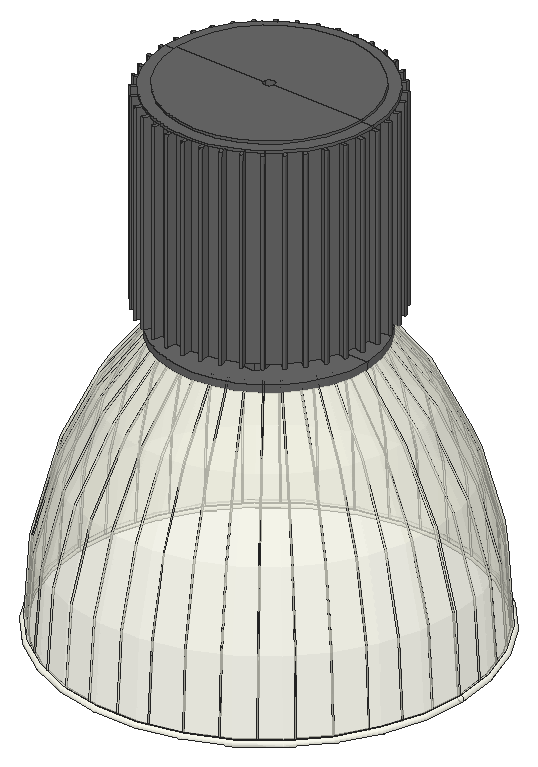
Revit family "PHS16", category Lighting Fixtures, Revit 2024
Family settings
  Round Connector Dimension = Use Diameter
  Part Type = Normal
  OmniClass Number = 23.80.70.00
  OmniClass Title = Lighting
  Work Plane-Based = No
  Always vertical = Yes
  Cut with Voids When Loaded = No
  Light Source = No
  Maintain Annotation Orientation = No
  Shared = No
  Room Calculation Point = No
Parameters
  Default Elevation = 0' - 0"
Reference planes (in)
  plane 1 "Light Source Axis (F/B)": y = 0
  plane 2: z = 0
  plane 3 "Light Source Axis (L/R)": x = 0
  plane 4 "Light Source Elevation": z = 54
Forms (in)
  Sweep 1, solid, material "GLASS SHADE", not visible
    path origin (75.968, 0, 0.00093) x (1, 0, 0) y (0, 0, 1)
      loop
        arc (-4.5864, 68.3252) -> (-8.91952, 61.72019) -> (-10.59309, 54) r 21.63816
    profile origin (67.04848, 0, 61.72112) x (0.922209, 0, -0.386691) y (0, -1, 0)
      loop
        circle (0, 0) r 0.03125
  Revolve 2, solid, material "GLASS SHADE"
    sketch origin (0, 0, 0) x (1, 0, 0) y (0, 0, 1)
      loop
        arc (7.875, 54.25) -> (6.91833, 60.07945) -> (3.79632, 65.0945) r 15.08491
        line (3.79632, 65.0945) -> (3.66737, 65.0945)
        arc (3.66737, 65.0945) -> (6.82339, 60.06552) -> (7.7796, 54.20577) r 14.99116
        arc (7.7796, 54.20577) -> (7.92758, 54.0116) -> (7.875, 54.25) r 0.125
      axis (0, 65.0945) -> (0, 54.20577)
    angle from 0 to 360
  Sweep 3, solid, material "GLASS SHADE"
    path origin (0, 0, 0) x (1, 0, 0) y (0, 0, 1)
      loop
        arc (-7.7796, 54.20577) -> (-6.79943, 60.05854) -> (-3.66019, 65.0945) r 15.25527
    profile origin (-6.79943, 0, 60.05854) x (-0.935305, 0, 0.353843) y (0, -1, 0)
      loop
        circle (0, 0) r 0.03125
  Sweep 4, solid, material "GLASS SHADE"
    path origin (0, 0, 0) x (0.987688, -0.156434, 0) y (0, 0, 1)
      loop
        arc (-7.7796, 54.20577) -> (-6.79943, 60.05854) -> (-3.66019, 65.0945) r 15.25527
    profile origin (-6.71572, 1.06367, 60.05854) x (-0.92379, 0.146314, 0.353843) y (-0.156434, -0.987688, 0)
      loop
        circle (0, 0) r 0.03125
  Sweep 5, solid, material "GLASS SHADE"
    path origin (0, 0, 0) x (0.987688, 0.156434, 0) y (0, 0, 1)
      loop
        arc (-7.7796, 54.20577) -> (-6.79943, 60.05854) -> (-3.66019, 65.0945) r 15.25527
    profile origin (-6.71572, -1.06367, 60.05854) x (-0.92379, -0.146314, 0.353843) y (0.156434, -0.987688, 0)
      loop
        circle (0, 0) r 0.03125
  Sweep 6, solid, material "GLASS SHADE"
    path origin (0, 0, 0) x (0.951057, 0.309017, 0) y (0, 0, 1)
      loop
        arc (-7.7796, 54.20577) -> (-6.79943, 60.05854) -> (-3.66019, 65.0945) r 15.25527
    profile origin (-6.46665, -2.10114, 60.05854) x (-0.889528, -0.289025, 0.353843) y (0.309017, -0.951057, 0)
      loop
        circle (0, 0) r 0.03125
  Sweep 7, solid, material "GLASS SHADE"
    path origin (0, 0, 0) x (0.891007, 0.45399, 0) y (0, 0, 1)
      loop
        arc (-7.7796, 54.20577) -> (-6.79943, 60.05854) -> (-3.66019, 65.0945) r 15.25527
    profile origin (-6.05834, -3.08688, 60.05854) x (-0.833363, -0.424619, 0.353843) y (0.45399, -0.891007, 0)
      loop
        circle (0, 0) r 0.03125
  Sweep 8, solid, material "GLASS SHADE"
    path origin (0, 0, 0) x (0.809017, 0.587785, 0) y (0, 0, 1)
      loop
        arc (-7.7796, 54.20577) -> (-6.79943, 60.05854) -> (-3.66019, 65.0945) r 15.25527
    profile origin (-5.50086, -3.99661, 60.05854) x (-0.756677, -0.549758, 0.353843) y (0.587785, -0.809017, 0)
      loop
        circle (0, 0) r 0.03125
  Sweep 9, solid, material "GLASS SHADE"
    path origin (0, 0, 0) x (0.707107, 0.707107, 0) y (0, 0, 1)
      loop
        arc (-7.7796, 54.20577) -> (-6.79943, 60.05854) -> (-3.66019, 65.0945) r 15.25527
    profile origin (-4.80793, -4.80793, 60.05854) x (-0.66136, -0.66136, 0.353843) y (0.707107, -0.707107, 0)
      loop
        circle (0, 0) r 0.03125
  Sweep 10, solid, material "GLASS SHADE"
    path origin (0, 0, 0) x (0.587785, 0.809017, 0) y (0, 0, 1)
      loop
        arc (-7.7796, 54.20577) -> (-6.79943, 60.05854) -> (-3.66019, 65.0945) r 15.25527
    profile origin (-3.99661, -5.50086, 60.05854) x (-0.549758, -0.756677, 0.353843) y (0.809017, -0.587785, 0)
      loop
        circle (0, 0) r 0.03125
  Sweep 11, solid, material "GLASS SHADE"
    path origin (0, 0, 0) x (0.45399, 0.891007, 0) y (0, 0, 1)
      loop
        arc (-7.7796, 54.20577) -> (-6.79943, 60.05854) -> (-3.66019, 65.0945) r 15.25527
    profile origin (-3.08688, -6.05834, 60.05854) x (-0.424619, -0.833363, 0.353843) y (0.891007, -0.45399, 0)
      loop
        circle (0, 0) r 0.03125
  Sweep 12, solid, material "GLASS SHADE"
    path origin (0, 0, 0) x (0.309017, 0.951057, 0) y (0, 0, 1)
      loop
        arc (-7.7796, 54.20577) -> (-6.79943, 60.05854) -> (-3.66019, 65.0945) r 15.25527
    profile origin (-2.10114, -6.46665, 60.05854) x (-0.289025, -0.889528, 0.353843) y (0.951057, -0.309017, 0)
      loop
        circle (0, 0) r 0.03125
  Sweep 13, solid, material "GLASS SHADE"
    path origin (0, 0, 0) x (0.156434, 0.987688, 0) y (0, 0, 1)
      loop
        arc (-7.7796, 54.20577) -> (-6.79943, 60.05854) -> (-3.66019, 65.0945) r 15.25527
    profile origin (-1.06367, -6.71572, 60.05854) x (-0.146314, -0.92379, 0.353843) y (0.987688, -0.156434, 0)
      loop
        circle (0, 0) r 0.03125
  Sweep 14, solid, material "GLASS SHADE"
    path origin (0, 0, 0) x (0, 1, 0) y (0, 0, 1)
      loop
        arc (-7.7796, 54.20577) -> (-6.79943, 60.05854) -> (-3.66019, 65.0945) r 15.25527
    profile origin (0, -6.79943, 60.05854) x (0, -0.935305, 0.353843) y (1, 0, 0)
      loop
        circle (0, 0) r 0.03125
  Sweep 15, solid, material "GLASS SHADE"
    path origin (0, 0, 0) x (-0.156434, 0.987688, 0) y (0, 0, 1)
      loop
        arc (-7.7796, 54.20577) -> (-6.79943, 60.05854) -> (-3.66019, 65.0945) r 15.25527
    profile origin (1.06367, -6.71572, 60.05854) x (0.146314, -0.92379, 0.353843) y (0.987688, 0.156434, 0)
      loop
        circle (0, 0) r 0.03125
  Sweep 16, solid, material "GLASS SHADE"
    path origin (0, 0, 0) x (-0.309017, 0.951057, 0) y (0, 0, 1)
      loop
        arc (-7.7796, 54.20577) -> (-6.79943, 60.05854) -> (-3.66019, 65.0945) r 15.25527
    profile origin (2.10114, -6.46665, 60.05854) x (0.289025, -0.889528, 0.353843) y (0.951057, 0.309017, 0)
      loop
        circle (0, 0) r 0.03125
  Sweep 17, solid, material "GLASS SHADE"
    path origin (0, 0, 0) x (-0.45399, 0.891007, 0) y (0, 0, 1)
      loop
        arc (-7.7796, 54.20577) -> (-6.79943, 60.05854) -> (-3.66019, 65.0945) r 15.25527
    profile origin (3.08688, -6.05834, 60.05854) x (0.424619, -0.833363, 0.353843) y (0.891007, 0.45399, 0)
      loop
        circle (0, 0) r 0.03125
  Sweep 18, solid, material "GLASS SHADE"
    path origin (0, 0, 0) x (-0.587785, 0.809017, 0) y (0, 0, 1)
      loop
        arc (-7.7796, 54.20577) -> (-6.79943, 60.05854) -> (-3.66019, 65.0945) r 15.25527
    profile origin (3.99661, -5.50086, 60.05854) x (0.549758, -0.756677, 0.353843) y (0.809017, 0.587785, 0)
      loop
        circle (0, 0) r 0.03125
  Sweep 19, solid, material "GLASS SHADE"
    path origin (0, 0, 0) x (-0.707107, 0.707107, 0) y (0, 0, 1)
      loop
        arc (-7.7796, 54.20577) -> (-6.79943, 60.05854) -> (-3.66019, 65.0945) r 15.25527
    profile origin (4.80793, -4.80793, 60.05854) x (0.66136, -0.66136, 0.353843) y (0.707107, 0.707107, 0)
      loop
        circle (0, 0) r 0.03125
  Sweep 20, solid, material "GLASS SHADE"
    path origin (0, 0, 0) x (-0.809017, 0.587785, 0) y (0, 0, 1)
      loop
        arc (-7.7796, 54.20577) -> (-6.79943, 60.05854) -> (-3.66019, 65.0945) r 15.25527
    profile origin (5.50086, -3.99661, 60.05854) x (0.756677, -0.549758, 0.353843) y (0.587785, 0.809017, 0)
      loop
        circle (0, 0) r 0.03125
  Sweep 21, solid, material "GLASS SHADE"
    path origin (0, 0, 0) x (-0.891007, 0.45399, 0) y (0, 0, 1)
      loop
        arc (-7.7796, 54.20577) -> (-6.79943, 60.05854) -> (-3.66019, 65.0945) r 15.25527
    profile origin (6.05834, -3.08688, 60.05854) x (0.833363, -0.424619, 0.353843) y (0.45399, 0.891007, 0)
      loop
        circle (0, 0) r 0.03125
  Sweep 22, solid, material "GLASS SHADE"
    path origin (0, 0, 0) x (-0.951057, 0.309017, 0) y (0, 0, 1)
      loop
        arc (-7.7796, 54.20577) -> (-6.79943, 60.05854) -> (-3.66019, 65.0945) r 15.25527
    profile origin (6.46665, -2.10114, 60.05854) x (0.889528, -0.289025, 0.353843) y (0.309017, 0.951057, 0)
      loop
        circle (0, 0) r 0.03125
  Sweep 23, solid, material "GLASS SHADE"
    path origin (0, 0, 0) x (-0.987688, 0.156434, 0) y (0, 0, 1)
      loop
        arc (-7.7796, 54.20577) -> (-6.79943, 60.05854) -> (-3.66019, 65.0945) r 15.25527
    profile origin (6.71572, -1.06367, 60.05854) x (0.92379, -0.146314, 0.353843) y (0.156434, 0.987688, 0)
      loop
        circle (0, 0) r 0.03125
  Sweep 24, solid, material "GLASS SHADE"
    path origin (0, 0, 0) x (-1, 0, 0) y (0, 0, 1)
      loop
        arc (-7.7796, 54.20577) -> (-6.79943, 60.05854) -> (-3.66019, 65.0945) r 15.25527
    profile origin (6.79943, 0, 60.05854) x (0.935305, 0, 0.353843) y (0, 1, 0)
      loop
        circle (0, 0) r 0.03125
  Sweep 25, solid, material "GLASS SHADE"
    path origin (0, 0, 0) x (-0.987688, -0.156434, 0) y (0, 0, 1)
      loop
        arc (-7.7796, 54.20577) -> (-6.79943, 60.05854) -> (-3.66019, 65.0945) r 15.25527
    profile origin (6.71572, 1.06367, 60.05854) x (0.92379, 0.146314, 0.353843) y (-0.156434, 0.987688, 0)
      loop
        circle (0, 0) r 0.03125
  Sweep 26, solid, material "GLASS SHADE"
    path origin (0, 0, 0) x (-0.951057, -0.309017, 0) y (0, 0, 1)
      loop
        arc (-7.7796, 54.20577) -> (-6.79943, 60.05854) -> (-3.66019, 65.0945) r 15.25527
    profile origin (6.46665, 2.10114, 60.05854) x (0.889528, 0.289025, 0.353843) y (-0.309017, 0.951057, 0)
      loop
        circle (0, 0) r 0.03125
  Sweep 27, solid, material "GLASS SHADE"
    path origin (0, 0, 0) x (-0.891007, -0.45399, 0) y (0, 0, 1)
      loop
        arc (-7.7796, 54.20577) -> (-6.79943, 60.05854) -> (-3.66019, 65.0945) r 15.25527
    profile origin (6.05834, 3.08688, 60.05854) x (0.833363, 0.424619, 0.353843) y (-0.45399, 0.891007, 0)
      loop
        circle (0, 0) r 0.03125
  Sweep 28, solid, material "GLASS SHADE"
    path origin (0, 0, 0) x (-0.809017, -0.587785, 0) y (0, 0, 1)
      loop
        arc (-7.7796, 54.20577) -> (-6.79943, 60.05854) -> (-3.66019, 65.0945) r 15.25527
    profile origin (5.50086, 3.99661, 60.05854) x (0.756677, 0.549758, 0.353843) y (-0.587785, 0.809017, 0)
      loop
        circle (0, 0) r 0.03125
  Sweep 29, solid, material "GLASS SHADE"
    path origin (0, 0, 0) x (-0.707107, -0.707107, 0) y (0, 0, 1)
      loop
        arc (-7.7796, 54.20577) -> (-6.79943, 60.05854) -> (-3.66019, 65.0945) r 15.25527
    profile origin (4.80793, 4.80793, 60.05854) x (0.66136, 0.66136, 0.353843) y (-0.707107, 0.707107, 0)
      loop
        circle (0, 0) r 0.03125
  Sweep 30, solid, material "GLASS SHADE"
    path origin (0, 0, 0) x (-0.587785, -0.809017, 0) y (0, 0, 1)
      loop
        arc (-7.7796, 54.20577) -> (-6.79943, 60.05854) -> (-3.66019, 65.0945) r 15.25527
    profile origin (3.99661, 5.50086, 60.05854) x (0.549758, 0.756677, 0.353843) y (-0.809017, 0.587785, 0)
      loop
        circle (0, 0) r 0.03125
  Sweep 31, solid, material "GLASS SHADE"
    path origin (0, 0, 0) x (-0.45399, -0.891007, 0) y (0, 0, 1)
      loop
        arc (-7.7796, 54.20577) -> (-6.79943, 60.05854) -> (-3.66019, 65.0945) r 15.25527
    profile origin (3.08688, 6.05834, 60.05854) x (0.424619, 0.833363, 0.353843) y (-0.891007, 0.45399, 0)
      loop
        circle (0, 0) r 0.03125
  Sweep 32, solid, material "GLASS SHADE"
    path origin (0, 0, 0) x (-0.309017, -0.951057, 0) y (0, 0, 1)
      loop
        arc (-7.7796, 54.20577) -> (-6.79943, 60.05854) -> (-3.66019, 65.0945) r 15.25527
    profile origin (2.10114, 6.46665, 60.05854) x (0.289025, 0.889528, 0.353843) y (-0.951057, 0.309017, 0)
      loop
        circle (0, 0) r 0.03125
  Sweep 33, solid, material "GLASS SHADE"
    path origin (0, 0, 0) x (-0.156434, -0.987688, 0) y (0, 0, 1)
      loop
        arc (-7.7796, 54.20577) -> (-6.79943, 60.05854) -> (-3.66019, 65.0945) r 15.25527
    profile origin (1.06367, 6.71572, 60.05854) x (0.146314, 0.92379, 0.353843) y (-0.987688, 0.156434, 0)
      loop
        circle (0, 0) r 0.03125
  Sweep 34, solid, material "GLASS SHADE"
    path origin (0, 0, 0) x (0, -1, 0) y (0, 0, 1)
      loop
        arc (-7.7796, 54.20577) -> (-6.79943, 60.05854) -> (-3.66019, 65.0945) r 15.25527
    profile origin (0, 6.79943, 60.05854) x (0, 0.935305, 0.353843) y (-1, 0, 0)
      loop
        circle (0, 0) r 0.03125
  Sweep 35, solid, material "GLASS SHADE"
    path origin (0, 0, 0) x (0.156434, -0.987688, 0) y (0, 0, 1)
      loop
        arc (-7.7796, 54.20577) -> (-6.79943, 60.05854) -> (-3.66019, 65.0945) r 15.25527
    profile origin (-1.06367, 6.71572, 60.05854) x (-0.146314, 0.92379, 0.353843) y (-0.987688, -0.156434, 0)
      loop
        circle (0, 0) r 0.03125
  Sweep 36, solid, material "GLASS SHADE"
    path origin (0, 0, 0) x (0.309017, -0.951057, 0) y (0, 0, 1)
      loop
        arc (-7.7796, 54.20577) -> (-6.79943, 60.05854) -> (-3.66019, 65.0945) r 15.25527
    profile origin (-2.10114, 6.46665, 60.05854) x (-0.289025, 0.889528, 0.353843) y (-0.951057, -0.309017, 0)
      loop
        circle (0, 0) r 0.03125
  Sweep 37, solid, material "GLASS SHADE"
    path origin (0, 0, 0) x (0.45399, -0.891007, 0) y (0, 0, 1)
      loop
        arc (-7.7796, 54.20577) -> (-6.79943, 60.05854) -> (-3.66019, 65.0945) r 15.25527
    profile origin (-3.08688, 6.05834, 60.05854) x (-0.424619, 0.833363, 0.353843) y (-0.891007, -0.45399, 0)
      loop
        circle (0, 0) r 0.03125
  Sweep 38, solid, material "GLASS SHADE"
    path origin (0, 0, 0) x (0.587785, -0.809017, 0) y (0, 0, 1)
      loop
        arc (-7.7796, 54.20577) -> (-6.79943, 60.05854) -> (-3.66019, 65.0945) r 15.25527
    profile origin (-3.99661, 5.50086, 60.05854) x (-0.549758, 0.756677, 0.353843) y (-0.809017, -0.587785, 0)
      loop
        circle (0, 0) r 0.03125
  Sweep 39, solid, material "GLASS SHADE"
    path origin (0, 0, 0) x (0.707107, -0.707107, 0) y (0, 0, 1)
      loop
        arc (-7.7796, 54.20577) -> (-6.79943, 60.05854) -> (-3.66019, 65.0945) r 15.25527
    profile origin (-4.80793, 4.80793, 60.05854) x (-0.66136, 0.66136, 0.353843) y (-0.707107, -0.707107, 0)
      loop
        circle (0, 0) r 0.03125
  Sweep 40, solid, material "GLASS SHADE"
    path origin (0, 0, 0) x (0.809017, -0.587785, 0) y (0, 0, 1)
      loop
        arc (-7.7796, 54.20577) -> (-6.79943, 60.05854) -> (-3.66019, 65.0945) r 15.25527
    profile origin (-5.50086, 3.99661, 60.05854) x (-0.756677, 0.549758, 0.353843) y (-0.587785, -0.809017, 0)
      loop
        circle (0, 0) r 0.03125
  Sweep 41, solid, material "GLASS SHADE"
    path origin (0, 0, 0) x (0.891007, -0.45399, 0) y (0, 0, 1)
      loop
        arc (-7.7796, 54.20577) -> (-6.79943, 60.05854) -> (-3.66019, 65.0945) r 15.25527
    profile origin (-6.05834, 3.08688, 60.05854) x (-0.833363, 0.424619, 0.353843) y (-0.45399, -0.891007, 0)
      loop
        circle (0, 0) r 0.03125
  Sweep 42, solid, material "GLASS SHADE"
    path origin (0, 0, 0) x (0.951057, -0.309017, 0) y (0, 0, 1)
      loop
        arc (-7.7796, 54.20577) -> (-6.79943, 60.05854) -> (-3.66019, 65.0945) r 15.25527
    profile origin (-6.46665, 2.10114, 60.05854) x (-0.889528, 0.289025, 0.353843) y (-0.309017, -0.951057, 0)
      loop
        circle (0, 0) r 0.03125
  Extrusion 43, solid, material "61"
    sketch origin (-46.69817, -17.29952, 66) x (1, 0, 0) y (0, 1, 0)
      loop
        arc (46.63567, 21.42405) -> (46.37452, 21.41181) -> (46.11468, 21.38305) r 4.125
        line (46.11468, 21.38305) -> (46.06572, 21.69217)
        arc (46.06572, 21.69217) -> (45.99421, 21.74412) -> (45.94226, 21.67261) r 0.0625
        line (45.94226, 21.67261) -> (45.99122, 21.36349)
        arc (45.99122, 21.36349) -> (45.73521, 21.31055) -> (45.48306, 21.24149) r 4.125
        line (45.48306, 21.24149) -> (45.38635, 21.53915)
        arc (45.38635, 21.53915) -> (45.30759, 21.57928) -> (45.26746, 21.50052) r 0.0625
        line (45.26746, 21.50052) -> (45.36418, 21.20287)
        arc (45.36418, 21.20287) -> (45.1196, 21.11053) -> (44.88136, 21.00288) r 4.125
        line (44.88136, 21.00288) -> (44.73927, 21.28174)
        arc (44.73927, 21.28174) -> (44.65521, 21.30905) -> (44.6279, 21.22499) r 0.0625
        line (44.6279, 21.22499) -> (44.76998, 20.94613)
        arc (44.76998, 20.94613) -> (44.54286, 20.81666) -> (44.3244, 20.67307) r 4.125
        line (44.3244, 20.67307) -> (44.14043, 20.92627)
        arc (44.14043, 20.92627) -> (44.05313, 20.9401) -> (44.03931, 20.8528) r 0.0625
        line (44.03931, 20.8528) -> (44.22327, 20.5996)
        arc (44.22327, 20.5996) -> (44.01919, 20.4362) -> (43.82588, 20.2602) r 4.125
        line (43.82588, 20.2602) -> (43.60458, 20.4815)
        arc (43.60458, 20.4815) -> (43.51619, 20.4815) -> (43.51619, 20.39311) r 0.0625
        line (43.51619, 20.39311) -> (43.73749, 20.17181)
        arc (43.73749, 20.17181) -> (43.56149, 19.9785) -> (43.39809, 19.77442) r 4.125
        line (43.39809, 19.77442) -> (43.14489, 19.95838)
        arc (43.14489, 19.95838) -> (43.05759, 19.94456) -> (43.07142, 19.85726) r 0.0625
        line (43.07142, 19.85726) -> (43.32462, 19.67329)
        arc (43.32462, 19.67329) -> (43.18103, 19.45483) -> (43.05156, 19.22771) r 4.125
        line (43.05156, 19.22771) -> (42.7727, 19.36979)
        arc (42.7727, 19.36979) -> (42.68864, 19.34248) -> (42.71595, 19.25842) r 0.0625
        line (42.71595, 19.25842) -> (42.99481, 19.11633)
        arc (42.99481, 19.11633) -> (42.88716, 18.87809) -> (42.79482, 18.63351) r 4.125
        line (42.79482, 18.63351) -> (42.49717, 18.73023)
        arc (42.49717, 18.73023) -> (42.41841, 18.6901) -> (42.45854, 18.61134) r 0.0625
        line (42.45854, 18.61134) -> (42.7562, 18.51463)
        arc (42.7562, 18.51463) -> (42.68714, 18.26248) -> (42.6342, 18.00647) r 4.125
        line (42.6342, 18.00647) -> (42.32508, 18.05543)
        arc (42.32508, 18.05543) -> (42.25357, 18.00348) -> (42.30552, 17.93197) r 0.0625
        line (42.30552, 17.93197) -> (42.61464, 17.88301)
        arc (42.61464, 17.88301) -> (42.58588, 17.62317) -> (42.57364, 17.36202) r 4.125
        line (42.57364, 17.36202) -> (42.26067, 17.36202)
        arc (42.26067, 17.36202) -> (42.19817, 17.29952) -> (42.26067, 17.23702) r 0.0625
        line (42.26067, 17.23702) -> (42.57364, 17.23702)
        arc (42.57364, 17.23702) -> (42.58588, 16.97588) -> (42.61464, 16.71603) r 4.125
        line (42.61464, 16.71603) -> (42.30552, 16.66707)
        arc (42.30552, 16.66707) -> (42.25357, 16.59557) -> (42.32508, 16.54361) r 0.0625
        line (42.32508, 16.54361) -> (42.6342, 16.59257)
        arc (42.6342, 16.59257) -> (42.68714, 16.33656) -> (42.7562, 16.08441) r 4.125
        line (42.7562, 16.08441) -> (42.45854, 15.9877)
        arc (42.45854, 15.9877) -> (42.41841, 15.90895) -> (42.49717, 15.86882) r 0.0625
        line (42.49717, 15.86882) -> (42.79482, 15.96553)
        arc (42.79482, 15.96553) -> (42.88716, 15.72095) -> (42.99481, 15.48271) r 4.125
        line (42.99481, 15.48271) -> (42.71595, 15.34063)
        arc (42.71595, 15.34063) -> (42.68864, 15.25657) -> (42.7727, 15.22925) r 0.0625
        line (42.7727, 15.22925) -> (43.05156, 15.37134)
        arc (43.05156, 15.37134) -> (43.18103, 15.14422) -> (43.32462, 14.92575) r 4.125
        line (43.32462, 14.92575) -> (43.07142, 14.74179)
        arc (43.07142, 14.74179) -> (43.05759, 14.65449) -> (43.14489, 14.64066) r 0.0625
        line (43.14489, 14.64066) -> (43.39809, 14.82462)
        arc (43.39809, 14.82462) -> (43.56149, 14.62055) -> (43.73749, 14.42724) r 4.125
        line (43.73749, 14.42724) -> (43.51619, 14.20593)
        arc (43.51619, 14.20593) -> (43.51619, 14.11754) -> (43.60458, 14.11754) r 0.0625
        line (43.60458, 14.11754) -> (43.82588, 14.33885)
        arc (43.82588, 14.33885) -> (44.01919, 14.16285) -> (44.22327, 13.99945) r 4.125
        line (44.22327, 13.99945) -> (44.03931, 13.74625)
        arc (44.03931, 13.74625) -> (44.05313, 13.65895) -> (44.14043, 13.67277) r 0.0625
        line (44.14043, 13.67277) -> (44.3244, 13.92597)
        arc (44.3244, 13.92597) -> (44.54286, 13.78238) -> (44.76998, 13.65292) r 4.125
        line (44.76998, 13.65292) -> (44.6279, 13.37406)
        arc (44.6279, 13.37406) -> (44.65521, 13.28999) -> (44.73927, 13.31731) r 0.0625
        line (44.73927, 13.31731) -> (44.88136, 13.59617)
        arc (44.88136, 13.59617) -> (45.1196, 13.48852) -> (45.36418, 13.39618) r 4.125
        line (45.36418, 13.39618) -> (45.26746, 13.09852)
        arc (45.26746, 13.09852) -> (45.30759, 13.01977) -> (45.38635, 13.0599) r 0.0625
        line (45.38635, 13.0599) -> (45.48306, 13.35755)
        arc (45.48306, 13.35755) -> (45.73521, 13.2885) -> (45.99122, 13.23555) r 4.125
        line (45.99122, 13.23555) -> (45.94226, 12.92643)
        arc (45.94226, 12.92643) -> (45.99421, 12.85492) -> (46.06572, 12.90688) r 0.0625
        line (46.06572, 12.90688) -> (46.11468, 13.216)
        arc (46.11468, 13.216) -> (46.37452, 13.18724) -> (46.63567, 13.175) r 4.125
        line (46.63567, 13.175) -> (46.63567, 12.86202)
        arc (46.63567, 12.86202) -> (46.69817, 12.79952) -> (46.76067, 12.86202) r 0.0625
        line (46.76067, 12.86202) -> (46.76067, 13.175)
        arc (46.76067, 13.175) -> (47.02181, 13.18724) -> (47.28166, 13.216) r 4.125
        line (47.28166, 13.216) -> (47.33062, 12.90688)
        arc (47.33062, 12.90688) -> (47.40212, 12.85492) -> (47.45408, 12.92643) r 0.0625
        line (47.45408, 12.92643) -> (47.40512, 13.23555)
        arc (47.40512, 13.23555) -> (47.66113, 13.2885) -> (47.91328, 13.35755) r 4.125
        line (47.91328, 13.35755) -> (48.00999, 13.0599)
        arc (48.00999, 13.0599) -> (48.08874, 13.01977) -> (48.12887, 13.09852) r 0.0625
        line (48.12887, 13.09852) -> (48.03216, 13.39618)
        arc (48.03216, 13.39618) -> (48.27674, 13.48852) -> (48.51498, 13.59617) r 4.125
        line (48.51498, 13.59617) -> (48.65706, 13.31731)
        arc (48.65706, 13.31731) -> (48.74112, 13.28999) -> (48.76844, 13.37406) r 0.0625
        line (48.76844, 13.37406) -> (48.62635, 13.65292)
        arc (48.62635, 13.65292) -> (48.85347, 13.78238) -> (49.07194, 13.92597) r 4.125
        line (49.07194, 13.92597) -> (49.2559, 13.67277)
        arc (49.2559, 13.67277) -> (49.3432, 13.65895) -> (49.35703, 13.74625) r 0.0625
        line (49.35703, 13.74625) -> (49.17307, 13.99945)
        arc (49.17307, 13.99945) -> (49.37714, 14.16285) -> (49.57045, 14.33885) r 4.125
        line (49.57045, 14.33885) -> (49.79176, 14.11754)
        arc (49.79176, 14.11754) -> (49.88015, 14.11754) -> (49.88015, 14.20593) r 0.0625
        line (49.88015, 14.20593) -> (49.65884, 14.42724)
        arc (49.65884, 14.42724) -> (49.83484, 14.62055) -> (49.99824, 14.82462) r 4.125
        line (49.99824, 14.82462) -> (50.25144, 14.64066)
        arc (50.25144, 14.64066) -> (50.33874, 14.65449) -> (50.32492, 14.74179) r 0.0625
        line (50.32492, 14.74179) -> (50.07172, 14.92575)
        arc (50.07172, 14.92575) -> (50.21531, 15.14422) -> (50.34477, 15.37134) r 4.125
        line (50.34477, 15.37134) -> (50.62363, 15.22925)
        arc (50.62363, 15.22925) -> (50.7077, 15.25657) -> (50.68038, 15.34063) r 0.0625
        line (50.68038, 15.34063) -> (50.40152, 15.48271)
        arc (50.40152, 15.48271) -> (50.50917, 15.72095) -> (50.60151, 15.96553) r 4.125
        line (50.60151, 15.96553) -> (50.89917, 15.86882)
        arc (50.89917, 15.86882) -> (50.97792, 15.90895) -> (50.93779, 15.9877) r 0.0625
        line (50.93779, 15.9877) -> (50.64014, 16.08441)
        arc (50.64014, 16.08441) -> (50.70919, 16.33656) -> (50.76214, 16.59257) r 4.125
        line (50.76214, 16.59257) -> (51.07126, 16.54361)
        arc (51.07126, 16.54361) -> (51.14277, 16.59557) -> (51.09081, 16.66707) r 0.0625
        line (51.09081, 16.66707) -> (50.78169, 16.71603)
        arc (50.78169, 16.71603) -> (50.81045, 16.97588) -> (50.82269, 17.23702) r 4.125
        line (50.82269, 17.23702) -> (51.13567, 17.23702)
        arc (51.13567, 17.23702) -> (51.19817, 17.29952) -> (51.13567, 17.36202) r 0.0625
        line (51.13567, 17.36202) -> (50.82269, 17.36202)
        arc (50.82269, 17.36202) -> (50.81045, 17.62317) -> (50.78169, 17.88301) r 4.125
        line (50.78169, 17.88301) -> (51.09081, 17.93197)
        arc (51.09081, 17.93197) -> (51.14277, 18.00348) -> (51.07126, 18.05543) r 0.0625
        line (51.07126, 18.05543) -> (50.76214, 18.00647)
        arc (50.76214, 18.00647) -> (50.70919, 18.26248) -> (50.64014, 18.51463) r 4.125
        line (50.64014, 18.51463) -> (50.93779, 18.61134)
        arc (50.93779, 18.61134) -> (50.97792, 18.6901) -> (50.89917, 18.73023) r 0.0625
        line (50.89917, 18.73023) -> (50.60151, 18.63351)
        arc (50.60151, 18.63351) -> (50.50917, 18.87809) -> (50.40152, 19.11633) r 4.125
        line (50.40152, 19.11633) -> (50.68038, 19.25842)
        arc (50.68038, 19.25842) -> (50.7077, 19.34248) -> (50.62363, 19.36979) r 0.0625
        line (50.62363, 19.36979) -> (50.34477, 19.22771)
        arc (50.34477, 19.22771) -> (50.21531, 19.45483) -> (50.07172, 19.67329) r 4.125
        line (50.07172, 19.67329) -> (50.32492, 19.85726)
        arc (50.32492, 19.85726) -> (50.33874, 19.94456) -> (50.25144, 19.95838) r 0.0625
        line (50.25144, 19.95838) -> (49.99824, 19.77442)
        arc (49.99824, 19.77442) -> (49.83484, 19.9785) -> (49.65884, 20.17181) r 4.125
        line (49.65884, 20.17181) -> (49.88015, 20.39311)
        arc (49.88015, 20.39311) -> (49.88015, 20.4815) -> (49.79176, 20.4815) r 0.0625
        line (49.79176, 20.4815) -> (49.57045, 20.2602)
        arc (49.57045, 20.2602) -> (49.37714, 20.4362) -> (49.17307, 20.5996) r 4.125
        line (49.17307, 20.5996) -> (49.35703, 20.8528)
        arc (49.35703, 20.8528) -> (49.3432, 20.9401) -> (49.2559, 20.92627) r 0.0625
        line (49.2559, 20.92627) -> (49.07194, 20.67307)
        arc (49.07194, 20.67307) -> (48.85347, 20.81666) -> (48.62635, 20.94613) r 4.125
        line (48.62635, 20.94613) -> (48.76844, 21.22499)
        arc (48.76844, 21.22499) -> (48.74112, 21.30905) -> (48.65706, 21.28174) r 0.0625
        line (48.65706, 21.28174) -> (48.51498, 21.00288)
        arc (48.51498, 21.00288) -> (48.27674, 21.11053) -> (48.03216, 21.20287) r 4.125
        line (48.03216, 21.20287) -> (48.12887, 21.50052)
        arc (48.12887, 21.50052) -> (48.08874, 21.57928) -> (48.00999, 21.53915) r 0.0625
        line (48.00999, 21.53915) -> (47.91328, 21.24149)
        arc (47.91328, 21.24149) -> (47.66113, 21.31055) -> (47.40512, 21.36349) r 4.125
        line (47.40512, 21.36349) -> (47.45408, 21.67261)
        arc (47.45408, 21.67261) -> (47.40212, 21.74412) -> (47.33062, 21.69217) r 0.0625
        line (47.33062, 21.69217) -> (47.28166, 21.38305)
        arc (47.28166, 21.38305) -> (47.02181, 21.41181) -> (46.76067, 21.42405) r 4.125
        line (46.76067, 21.42405) -> (46.76067, 21.73702)
        arc (46.76067, 21.73702) -> (46.69817, 21.79952) -> (46.63567, 21.73702) r 0.0625
        line (46.63567, 21.73702) -> (46.63567, 21.42405)
    from 0 to 7.80732
  Revolve 44, solid, material "61"
    sketch origin (0, 0, 0) x (1, 0, 0) y (0, 0, 1)
      loop
        line (0.20328, 74) -> (0.20328, 73.80732) -> (4.2478, 73.80732) -> (4.2478, 73.91001) -> (3.80087, 73.91001) -> (3.80087, 74) -> (0.20328, 74)
      loop
        line (3.80335, 66) -> (0, 66) -> (0, 65.91001) -> (3.80335, 65.91001) -> (3.80335, 66)
      loop
        line (0, 65.175) -> (0, 65.09164) -> (3.95909, 65.09164) -> (3.95909, 64.875) -> (4.03574, 64.875) -> (4.03574, 65.175) -> (0, 65.175)
      axis (0, 74) -> (0, 64.875)
    angle from 0 to 360
  Revolve 45, solid, material "61"
    sketch origin (-2.65723, 0, 0) x (1, 0, 0) y (0, 0, 1)
      loop
        line (0.41619, 65.91001) -> (0, 65.91001) -> (0, 65.175) -> (0.41619, 65.175) -> (0.41619, 65.91001)
      axis (0, 65.175) -> (0, 65.91001)
    angle from 0 to 360
  Revolve 46, solid, material "61"
    sketch origin (1.32861, 2.30123, 0) x (-0.5, -0.866025, 0) y (0, 0, 1)
      loop
        line (0.41619, 65.91001) -> (0, 65.91001) -> (0, 65.175) -> (0.41619, 65.175) -> (0.41619, 65.91001)
      axis (0, 65.175) -> (0, 65.91001)
    angle from 0 to 360
  Revolve 47, solid, material "61"
    sketch origin (1.32861, -2.30123, 0) x (-0.5, 0.866025, 0) y (0, 0, 1)
      loop
        line (0.41619, 65.91001) -> (0, 65.91001) -> (0, 65.175) -> (0.41619, 65.175) -> (0.41619, 65.91001)
      axis (0, 65.175) -> (0, 65.91001)
    angle from 0 to 360
Dimensions and locks (in)
  aligned and locked: level to plane 2
